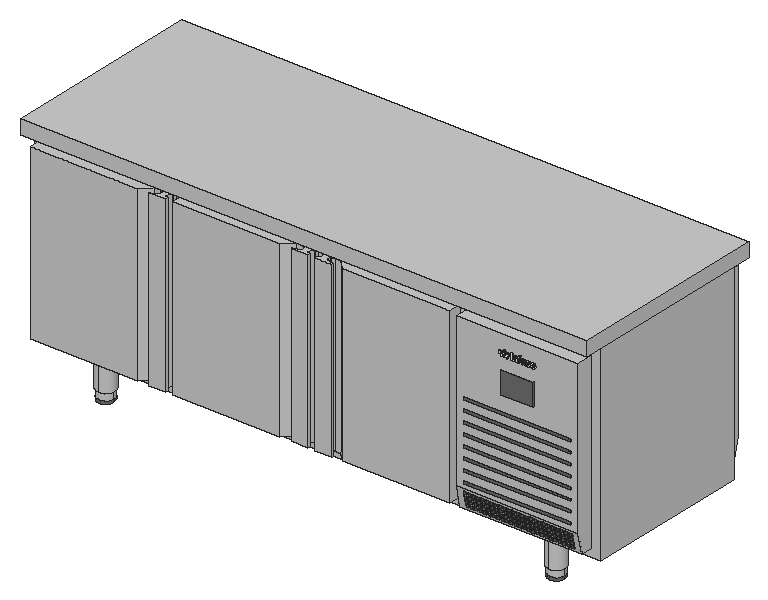
Revit family "QF_INFRICO_BMGN1960PDC_250808024553", category Specialty Equipment, Revit 2021 (continued)
Definition of nested family "QF_INFRICO_BMGN_DOOR_DX_6569"
  Parameters (values of type "BMGN_DOOR_DX")
    Show Clearances [instance] = yes
    Show Clearance [instance] = yes
    Service Life Duration [instance] = ""
    Serial Number [instance] = ""
    Seismic Rating [instance] = ""
    SMACNA No [instance] = ""
    Revision Code [instance] = ""
    Revision [instance] = ""
    Production Year [instance] = ""
    Point Load [instance] = 0
    Other Equipment Approvals [instance] = ""
    NAFEM Spec ID Number [instance] = ""
    Model Warning [instance] = ""
    Model = "BMGN_DOOR_DX"
    Masterspec [instance] = ""
    Manufacturer = "INFRICO"
    Length Actual [instance] = 0 mm
    Item Number [instance] = ""
    Installed By [instance] = ""
    Installation Date [instance] = ""
    Identify Quantity as Lot [instance] = yes
    ID [instance] = ""
    Hygiene Approval [instance] = ""
    Height Actual [instance] = 0 mm
    Furnished By [instance] = ""
    Foodservice Equipment Identifier [instance] = yes
    ETL Approved [instance] = yes
    Description = "RIGHT DOOR"
    Depth Actual [instance] = 0 mm
    Default Elevation = 0 mm
    CSI MasterFormat [instance] = ""
    CE Approved [instance] = yes
    Barcode [instance] = ""
    Author [instance] = ""
    Asset Identifier [instance] = ""
    Assembly Code = "E1090320"
    Accessory [instance] = yes
  Reference planes
    plane 1 "Back": y = 0
    plane 2: z = 0
    plane 3 "Left": x = 0
    plane 4 "Right": x = 467
    plane 5 "Front": y = -44
    plane 6 "Top": z = 597
  Forms (mm)
    Extrusion 1, solid
      sketch origin (-2514.326, 654.02, -168.61) x (1, 0, 0) y (0, 1, 0)
        loop
          line (2610.426, -698.02) -> (2981.326, -698.02) -> (2981.326, -654.02) -> (2514.326, -654.02) -> (2514.326, -664.81) -> (2521.592, -664.81) -> (2526.525, -683.218) -> (2514.326, -690.261) -> (2514.326, -698.02) -> (2571.566, -698.02) -> (2571.566, -694.947) -> (2546.304, -684.224)
          arc (2546.304, -684.224) -> (2545.774, -683.563) -> (2545.566, -682.741) r 2.001
          line (2545.566, -682.741) -> (2545.222, -672.896)
          arc (2545.222, -672.896) -> (2545.582, -671.631) -> (2546.663, -670.881) r 1.95
          line (2546.663, -670.881) -> (2557.604, -667.95) -> (2580.356, -667.95) -> (2610.426, -698.02)
      from 168.61 to 765.61
    Extrusion 2, solid, visible <- "Show Clearance", detail levels coarse
      sketch origin (467, 0, 0) x (-1, 0, 0) y (0, -1, 0)
        loop
          line (0, 44) -> (467, 44)
          arc (467, 44) -> (343.106, 343.106) -> (44, 467) r 423
          line (44, 467) -> (0, 467) -> (0, 44)
      from 0 to 597
  Lines and regions (mm)
    symbolic lines
      curve 1: arc (0.383, -62, 0) -> (130.327, -349.404, 0) -> (423, -467, 0) r 423
      curve 2: line (467, -467, 0) -> (467, -62, 0)
      curve 3: line (423, -467, 0) -> (467, -467, 0)
  Dimensions and locks
    plane 4 "Right" to plane 3 "Left" = 467 mm
    plane 6 "Top" to level = 597 mm  (x2)
    plane 1 "Back" to plane 5 "Front" = 44 mm  (x2)
    plane 3 "Left" to plane 4 "Right" = 467 mm
    aligned and locked: level to plane 2
Definition of nested family "QF_INFRICO_BMGNPDC_DOOR_SX_7346"
  Parameters (values of type "BMGNPDC_DOOR_SX")
    Weight [instance] = 0.00 kg
    Warranty Start Date [instance] = ""
    Warranty Duration [instance] = ""
    URL Cutsheet [instance] = ""
    URL = "www.infrico.com"
    Technical Documentation [instance] = ""
    Tag Number [instance] = ""
    Status [instance] = ""
    Specification by User [instance] = ""
    Specification by Manufacturer [instance] = ""
    Sound Level [instance] = ""
    Solid Fuel Type [instance] = ""
    Show Logo [instance] = yes
    Show Clearances [instance] = yes
    Show Clearance [instance] = yes
    Service Life Duration [instance] = ""
    Serial Number [instance] = ""
    Seismic Rating [instance] = ""
    SMACNA No [instance] = ""
    Revision Code [instance] = ""
    Revision [instance] = ""
    Production Year [instance] = ""
    Point Load [instance] = 0
    Other Equipment Approvals [instance] = ""
    NAFEM Spec ID Number [instance] = ""
    Model Warning [instance] = ""
    Model = "BMGNPDC_DOOR_SX"
    Masterspec [instance] = ""
    Manufacturer = "INFRICO"
    Length Actual [instance] = 0 mm
    Item Number [instance] = ""
    Installed By [instance] = ""
    Installation Date [instance] = ""
    Identify Quantity as Lot [instance] = yes
    ID [instance] = ""
    Hygiene Approval [instance] = ""
    Height Actual [instance] = 0 mm
    Furnished By [instance] = ""
    Foodservice Equipment Identifier [instance] = yes
    ETL Approved [instance] = yes
    Description = "LEFT DOOR PASS THRU"
    Depth Actual [instance] = 0 mm
    Default Elevation = 0 mm
    CSI MasterFormat [instance] = ""
    CE Approved [instance] = yes
    Barcode [instance] = ""
    Author [instance] = ""
    Asset Identifier [instance] = ""
    Assembly Code = "E1090320"
    Accessory [instance] = yes
  Reference planes
    plane 1 "Back": y = 0
    plane 2: z = 0
    plane 3 "Left": x = 0
    plane 4 "Right": x = 467
    plane 5 "Front": y = -44
    plane 6 "Top": z = 597
  Forms (mm)
    Extrusion 1, solid
      sketch origin (2981.326, -698.02, -168.61) x (-1, 0, 0) y (0, -1, 0)
        loop
          line (2610.426, -698.02) -> (2981.326, -698.02) -> (2981.326, -654.02) -> (2514.279, -654.02) -> (2514.279, -664.81) -> (2521.592, -664.81) -> (2526.525, -683.218) -> (2514.326, -690.261) -> (2514.326, -698.02) -> (2571.566, -698.02) -> (2571.566, -694.947) -> (2546.304, -684.224)
          arc (2546.304, -684.224) -> (2545.774, -683.563) -> (2545.566, -682.741) r 2.001
          line (2545.566, -682.741) -> (2545.222, -672.896)
          arc (2545.222, -672.896) -> (2545.582, -671.631) -> (2546.663, -670.881) r 1.95
          line (2546.663, -670.881) -> (2557.604, -667.95) -> (2580.356, -667.95) -> (2610.426, -698.02)
      from 168.61 to 765.61
    Extrusion 2, solid, visible <- "Show Clearance", detail levels coarse
      sketch origin (0, -44, 0) x (1, 0, 0) y (0, 1, 0)
        loop
          line (0, 44) -> (467, 44)
          arc (467, 44) -> (343.106, 343.106) -> (44, 467) r 423
          line (44, 467) -> (0, 467) -> (0, 44)
      from 0 to 597
  Lines and regions (mm)
    symbolic lines
      curve 1: arc (466.617, 18, 0) -> (336.673, 305.404, 0) -> (44, 423, 0) r 423
      curve 2: line (0, 423, 0) -> (0, 18, 0)
      curve 3: line (44, 423, 0) -> (0, 423, 0)
  Dimensions and locks
    plane 4 "Right" to plane 3 "Left" = 467 mm
    plane 6 "Top" to level = 597 mm  (x2)
    plane 1 "Back" to plane 5 "Front" = 44 mm  (x2)
    plane 3 "Left" to plane 4 "Right" = 467 mm
    aligned and locked: level to plane 2
Definition of nested family "QF_INFRICO_BMGNPDC_DOOR_SX_8123"
  Parameters (values of type "BMGNPDC_DOOR_SX")
    Weight [instance] = 0.00 kg
    Warranty Start Date [instance] = ""
    Warranty Duration [instance] = ""
    URL Cutsheet [instance] = ""
    URL = "www.infrico.com"
    Technical Documentation [instance] = ""
    Tag Number [instance] = ""
    Status [instance] = ""
    Specification by User [instance] = ""
    Specification by Manufacturer [instance] = ""
    Sound Level [instance] = ""
    Solid Fuel Type [instance] = ""
    Show Logo [instance] = yes
    Show Clearances [instance] = yes
    Show Clearance [instance] = yes
    Service Life Duration [instance] = ""
    Serial Number [instance] = ""
    Seismic Rating [instance] = ""
    SMACNA No [instance] = ""
    Revision Code [instance] = ""
    Revision [instance] = ""
    Production Year [instance] = ""
    Point Load [instance] = 0
    Other Equipment Approvals [instance] = ""
    NAFEM Spec ID Number [instance] = ""
    Model Warning [instance] = ""
    Model = "BMGNPDC_DOOR_SX"
    Masterspec [instance] = ""
    Manufacturer = "INFRICO"
    Length Actual [instance] = 0 mm
    Item Number [instance] = ""
    Installed By [instance] = ""
    Installation Date [instance] = ""
    Identify Quantity as Lot [instance] = yes
    ID [instance] = ""
    Hygiene Approval [instance] = ""
    Height Actual [instance] = 0 mm
    Furnished By [instance] = ""
    Foodservice Equipment Identifier [instance] = yes
    ETL Approved [instance] = yes
    Description = "LEFT DOOR PASS THRU"
    Depth Actual [instance] = 0 mm
    Default Elevation = 0 mm
    CSI MasterFormat [instance] = ""
    CE Approved [instance] = yes
    Barcode [instance] = ""
    Author [instance] = ""
    Asset Identifier [instance] = ""
    Assembly Code = "E1090320"
    Accessory [instance] = yes
  Reference planes
    plane 1 "Back": y = 0
    plane 2: z = 0
    plane 3 "Left": x = 0
    plane 4 "Right": x = 467
    plane 5 "Front": y = -44
    plane 6 "Top": z = 597
  Forms (mm)
    Extrusion 1, solid
      sketch origin (2981.326, -698.02, -168.61) x (-1, 0, 0) y (0, -1, 0)
        loop
          line (2610.426, -698.02) -> (2981.326, -698.02) -> (2981.326, -654.02) -> (2514.279, -654.02) -> (2514.279, -664.81) -> (2521.592, -664.81) -> (2526.525, -683.218) -> (2514.326, -690.261) -> (2514.326, -698.02) -> (2571.566, -698.02) -> (2571.566, -694.947) -> (2546.304, -684.224)
          arc (2546.304, -684.224) -> (2545.774, -683.563) -> (2545.566, -682.741) r 2.001
          line (2545.566, -682.741) -> (2545.222, -672.896)
          arc (2545.222, -672.896) -> (2545.582, -671.631) -> (2546.663, -670.881) r 1.95
          line (2546.663, -670.881) -> (2557.604, -667.95) -> (2580.356, -667.95) -> (2610.426, -698.02)
      from 168.61 to 765.61
    Extrusion 2, solid, visible <- "Show Clearance", detail levels coarse
      sketch origin (0, -44, 0) x (1, 0, 0) y (0, 1, 0)
        loop
          line (0, 44) -> (467, 44)
          arc (467, 44) -> (343.106, 343.106) -> (44, 467) r 423
          line (44, 467) -> (0, 467) -> (0, 44)
      from 0 to 597
  Lines and regions (mm)
    symbolic lines
      curve 1: arc (466.617, 18, 0) -> (336.673, 305.404, 0) -> (44, 423, 0) r 423
      curve 2: line (0, 423, 0) -> (0, 18, 0)
      curve 3: line (44, 423, 0) -> (0, 423, 0)
  Dimensions and locks
    plane 4 "Right" to plane 3 "Left" = 467 mm
    plane 6 "Top" to level = 597 mm  (x2)
    plane 1 "Back" to plane 5 "Front" = 44 mm  (x2)
    plane 3 "Left" to plane 4 "Right" = 467 mm
    aligned and locked: level to plane 2
Definition of nested family "QF_INFRICO_BMGNPDC_DOOR_DX_8900"
  Parameters (values of type "BMGNPDC_DOOR_DX")
    Weight [instance] = 0.00 kg
    Warranty Start Date [instance] = ""
    Warranty Duration [instance] = ""
    URL Cutsheet [instance] = ""
    URL = "www.infrico.com"
    Technical Documentation [instance] = ""
    Tag Number [instance] = ""
    Status [instance] = ""
    Specification by User [instance] = ""
    Specification by Manufacturer [instance] = ""
    Sound Level [instance] = ""
    Solid Fuel Type [instance] = ""
    Show Logo [instance] = yes
    Show Clearances [instance] = yes
    Show Clearance [instance] = yes
    Service Life Duration [instance] = ""
    Serial Number [instance] = ""
    Seismic Rating [instance] = ""
    SMACNA No [instance] = ""
    Revision Code [instance] = ""
    Revision [instance] = ""
    Production Year [instance] = ""
    Point Load [instance] = 0
    Other Equipment Approvals [instance] = ""
    NAFEM Spec ID Number [instance] = ""
    Model Warning [instance] = ""
    Model = "BMGNPDC_DOOR_DX"
    Masterspec [instance] = ""
    Manufacturer = "INFRICO"
    Length Actual [instance] = 0 mm
    Item Number [instance] = ""
    Installed By [instance] = ""
    Installation Date [instance] = ""
    Identify Quantity as Lot [instance] = yes
    ID [instance] = ""
    Hygiene Approval [instance] = ""
    Height Actual [instance] = 0 mm
    Furnished By [instance] = ""
    Foodservice Equipment Identifier [instance] = yes
    ETL Approved [instance] = yes
    Description = "RIGHT DOOR PASS THRU"
    Depth Actual [instance] = 0 mm
    Default Elevation = 0 mm
    CSI MasterFormat [instance] = ""
    CE Approved [instance] = yes
    Barcode [instance] = ""
    Author [instance] = ""
    Asset Identifier [instance] = ""
    Assembly Code = "E1090320"
    Accessory [instance] = yes
  Reference planes
    plane 1 "Back": y = 0
    plane 2: z = 0
    plane 3 "Left": x = 0
    plane 4 "Right": x = 467
    plane 5 "Front": y = -44
    plane 6 "Top": z = 597
  Forms (mm)
    Extrusion 1, solid
      sketch origin (-2514.326, -698.02, -168.61) x (1, 0, 0) y (0, 1, 0)
        loop
          line (2610.426, 698.02) -> (2580.356, 667.95) -> (2557.604, 667.95) -> (2546.663, 670.881)
          arc (2546.663, 670.881) -> (2545.582, 671.631) -> (2545.222, 672.896) r 1.95
          line (2545.222, 672.896) -> (2545.566, 682.741)
          arc (2545.566, 682.741) -> (2545.774, 683.563) -> (2546.304, 684.224) r 2.001
          line (2546.304, 684.224) -> (2571.566, 694.947) -> (2571.566, 698.02) -> (2514.326, 698.02) -> (2514.326, 690.261) -> (2526.525, 683.218) -> (2521.592, 664.81) -> (2514.279, 664.81) -> (2514.279, 654.02) -> (2981.326, 654.02) -> (2981.326, 698.02) -> (2610.426, 698.02)
      from 168.61 to 765.61
    Extrusion 2, solid, visible <- "Show Clearance", detail levels coarse
      sketch origin (467, -44, 0) x (-1, 0, 0) y (0, -1, 0)
        loop
          line (0, -44) -> (0, -467) -> (44, -467)
          arc (44, -467) -> (343.106, -343.106) -> (467, -44) r 423
          line (467, -44) -> (0, -44)
      from 0 to 597
  Lines and regions (mm)
    symbolic lines
      curve 1: arc (0.383, 18, 0) -> (130.327, 305.404, 0) -> (423, 423, 0) r 423
      curve 2: line (467, 423, 0) -> (467, 18, 0)
      curve 3: line (423, 423, 0) -> (467, 423, 0)
  Dimensions and locks
    plane 4 "Right" to plane 3 "Left" = 467 mm
    plane 6 "Top" to level = 597 mm  (x2)
    plane 1 "Back" to plane 5 "Front" = 44 mm  (x2)
    plane 3 "Left" to plane 4 "Right" = 467 mm
    aligned and locked: level to plane 2
Definition of nested family "QF_INFRICO_WORKTOP_9677"
  Parameters (values of type "WRKT20_30")
    Weight [instance] = 0.00 kg
    Warranty Start Date [instance] = ""
    Warranty Duration [instance] = ""
    URL Cutsheet [instance] = ""
    URL = "www.infrico.com"
    Technical Documentation [instance] = ""
    Tag Number [instance] = ""
    Status [instance] = ""
    Specification by User [instance] = ""
    Specification by Manufacturer [instance] = ""
    Sound Level [instance] = ""
    Solid Fuel Type [instance] = ""
    Show Logo [instance] = yes
    Show Clearances [instance] = yes
    Show Clearance [instance] = yes
    Service Life Duration [instance] = ""
    Serial Number [instance] = ""
    Seismic Rating [instance] = ""
    SMACNA No [instance] = ""
    Revision Code [instance] = ""
    Revision [instance] = ""
    Production Year [instance] = ""
    Point Load [instance] = 0
    Other Equipment Approvals [instance] = ""
    NAFEM Spec ID Number [instance] = ""
    Model Warning [instance] = ""
    Model = "WRKT20_30"
    Masterspec [instance] = ""
    Manufacturer = "INFRICO"
    Length Actual [instance] = 0 mm
    Length = 1960 mm
    Item Number [instance] = ""
    Installed By [instance] = ""
    Installation Date [instance] = ""
    Identify Quantity as Lot [instance] = yes
    ID [instance] = ""
    Hygiene Approval [instance] = ""
    Height Actual [instance] = 0 mm
    Furnished By [instance] = ""
    Foodservice Equipment Identifier [instance] = yes
    ETL Approved [instance] = yes
    Description = "WORKTOP WHITOUT BACKSPLASH 2000_300"
    Depth Actual [instance] = 0 mm
    Depth = 300 mm
    Default Elevation = 0 mm
    CSI MasterFormat [instance] = ""
    CE Approved [instance] = yes
    Barcode [instance] = ""
    Author [instance] = ""
    Asset Identifier [instance] = ""
    Assembly Code = "E1090320"
    Accessory [instance] = yes
  Types (38, lengths in mm): name | Model | Length | Description | Depth
    ENC12SPGN19 | "ENC12SPGN19" | 1960 | "WORKTOP WITHOUT BACKSPLASH" | 700
    ENC12SPGN14 | "ENC12SPGN14" | 1468 | "WORKTOP WITHOUT BACKSPLASH" | 700
    ENC12SPGN24 | "ENC12SPGN24" | 2452 | "WORKTOP WITHOUT BACKSPLASH" | 700
    ENC12SPGN14R | "ENC12SPGN14R" | 1160 | "WORKTOP WITHOUT BACKSPLASH" | 700
    ENC12SPGN19R | "ENC12SPGN19R" | 1652 | "WORKTOP WITHOUT BACKSPLASH" | 700
    ENC12SPGN24R | "ENC12SPGN24R" | 2144 | "WORKTOP WITHOUT BACKSPLASH" | 700
    ENC12SPBM20 | "ENC12SPBM20" | 1960 | "WORKTOP WITHOUT BACKSPLASH" | 600
    ENC12SPBM15 | "ENC12SPBM15" | 1468 | "WORKTOP WITHOUT BACKSPLASH" | 600
    ENC12SPBM25 | "ENC12SPBM25" | 2452 | "WORKTOP WITHOUT BACKSPLASH" | 600
    ENC12SPBM15R | "ENC12SPBM15R" | 1160 | "WORKTOP WITHOUT BACKSPLASH" | 600
    ENC12SPBM20R | "ENC12SPBM20R" | 1652 | "WORKTOP WITHOUT BACKSPLASH" | 600
    ENC12SPMR16 | "ENC12SPMR16" | 1618 | "WORKTOP WITHOUT BACKSPLASH" | 800
    ENC12SPMR21 | "ENC12SPMR21" | 2185 | "WORKTOP WITHOUT BACKSPLASH" | 800
    ENC12SPMR27 | "ENC12SPMR27" | 2752 | "WORKTOP WITHOUT BACKSPLASH" | 800
    ENC12SPMR16R | "ENC12SPMR16R" | 1310 | "WORKTOP WITHOUT BACKSPLASH" | 800
    ENC12SPMR21R | "ENC12SPMR21R" | 1877 | "WORKTOP WITHOUT BACKSPLASH" | 800
    ENC12SPMR27R | "ENC12SPMR27R" | 2444 | "WORKTOP WITHOUT BACKSPLASH" | 800
    ENC12SPBM25R | "ENC12SPBM25R" | 2144 | "WORKTOP WITHOUT BACKSPLASH" | 600
    ENC12SPMS20 | "ENC12SPMS20" | 2000 | "WORKTOP WITHOUT BACKSPLASH" | 700
    ENC12SPMS24 | "ENC12SPMS24" | 2400 | "WORKTOP WITHOUT BACKSPLASH" | 700
    ENC12SPMS10 | "ENC12SPMS10" | 1000 | "WORKTOP WITHOUT BACKSPLASH" | 700
    ENC12SPMS14 | "ENC12SPMS14" | 1400 | "WORKTOP WITHOUT BACKSPLASH" | 700
    ENC12SPMS16 | "ENC12SPMS16" | 1600 | "WORKTOP WITHOUT BACKSPLASH" | 700
    ENC12SPME10 | "ENC12SPME10" | 978 | "WORKTOP WITHOUT BACKSPLASH" | 700
    ENC12SPME14 | "ENC12SPME14" | 1460 | "WORKTOP WITHOUT BACKSPLASH" | 700
    WRKT10_30 | "WRKT10_30" | 1000 | "WORKTOP WHITOUT BACKSPLASH 1000_300" | 300
    WRKT10_60 | "WRKT10_60" | 1000 | "WORKTOP WHITOUT BACKSPLASH 1000_600" | 600
    WRKT15_30 | "WRKT15_30" | 1468 | "WORKTOP WHITOUT BACKSPLASH 1500_300" | 300
    WRKT15_60 | "WRKT15_60" | 1468 | "WORKTOP WHITOUT BACKSPLASH 1500_600" | 600
    WRKT20_30 | "WRKT20_30" | 1960 | "WORKTOP WHITOUT BACKSPLASH 2000_300" | 300
    WRKT20_60 | "WRKT20_60" | 1960 | "WORKTOP WHITOUT BACKSPLASH 2000_600" | 600
    WRKT25_30 | "WRKT25_30" | 2452 | "WORKTOP WHITOUT BACKSPLASH 2500_300" | 300
    WRKT25_60 | "WRKT25_60" | 2452 | "WORKTOP WHITOUT BACKSPLASH 2500_600" | 600
    WRKT15_60_MT | "WRKT15_60_MT" | 1500 | "WORKTOP WHITOUT BACKSPLASH 1500_600" | 600
    WRKT15_70_MT | "WRKT15_70_MT" | 1500 | "WORKTOP WHITOUT BACKSPLASH 1500_700" | 700
    WRKT20_70_MT | "WRKT20_70_MT" | 2000 | "WORKTOP WHITOUT BACKSPLASH 2000_700" | 700
    WRKT20_60_MT | "WRKT20_60_MT" | 2000 | "WORKTOP WHITOUT BACKSPLASH 2000_600" | 600
    WRKT10_70_MT | "WRKT10_70_MT" | 1000 | "WORKTOP WHITOUT BACKSPLASH 1000_700" | 700
  Reference planes
    plane 1 "Back": y = 0
    plane 2: z = 0
    plane 3 "Left": x = 0
    plane 4 "Right": x = 1960
    plane 5 "Front": y = -300
    plane 6 "Top": z = 50
  Forms (mm)
    Extrusion 1, solid
      sketch origin (0, 0, -800) x (0, 1, 0) y (0, 0, 1)
        loop
          line (0, 850) -> (-300, 850) -> (-300, 800) -> (0, 800) -> (0, 850)
      from 0 to 1960
  Lines and regions (mm)
    symbolic lines
      curve 1: line (1960, 0, 0) -> (0, 0, 0)
      curve 2: line (0, 0, 0) -> (0, -300, 0)
      curve 3: line (0, -300, 0) -> (1960, -300, 0)
      curve 4: line (1960, -300, 0) -> (1960, 0, 0)
  Dimensions and locks
    plane 4 "Right" to plane 3 "Left" = 1960 mm
    plane 6 "Top" to level = 50 mm
    plane 1 "Back" to plane 5 "Front" = 300 mm
    "Length": plane 3 "Left" to plane 4 "Right"
    "Depth": plane 1 "Back" to plane 5 "Front"
    aligned and locked: level to plane 2
    aligned and locked: Extrusion 1 to plane 4 "Right"
  Automatic sketch dimensions
    plane 1 "Back" to curve 1 = 0 mm
    curve 1 to plane 3 "Left" = 0 mm
    curve 3 to plane 4 "Right" = 0 mm
    curve 3 to plane 5 "Front" = 0 mm
    Extrusion 1 sketch curve to plane 5 "Front" = 0 mm
    Extrusion 1 sketch curve to level = 0 mm
    Extrusion 1 sketch curve to plane 1 "Back" = 0 mm
    Extrusion 1 sketch curve to plane 6 "Top" = 0 mm
Definition of nested family "QF_INFRICO_LEGS_10521"
  Parameters (values of type "LEGS_2190_740")
    Weight [instance] = 0.00 kg
    Warranty Start Date [instance] = ""
    Warranty Duration [instance] = ""
    URL Cutsheet [instance] = ""
    URL = "www.infrico.com"
    Technical Documentation [instance] = ""
    Tag Number [instance] = ""
    Status [instance] = ""
    Specification by User [instance] = ""
    Specification by Manufacturer [instance] = ""
    Sound Level [instance] = ""
    Solid Fuel Type [instance] = ""
    Show Logo [instance] = yes
    Show Clearances [instance] = yes
    Show Clearance [instance] = yes
    Service Life Duration [instance] = ""
    Serial Number [instance] = ""
    Seismic Rating [instance] = ""
    SMACNA No [instance] = ""
    Revision Code [instance] = ""
    Revision [instance] = ""
    Production Year [instance] = ""
    Point Load [instance] = 0
    Other Equipment Approvals [instance] = ""
    NAFEM Spec ID Number [instance] = ""
    Model Warning [instance] = ""
    Model = "LEGS_2190_740"
    Masterspec [instance] = ""
    Manufacturer = "INFRICO"
    Length Actual [instance] = 0 mm
    Length = 2185 mm
    Item Number [instance] = ""
    Installed By [instance] = ""
    Installation Date [instance] = ""
    Identify Quantity as Lot [instance] = yes
    ID [instance] = ""
    Hygiene Approval [instance] = ""
    Height Actual [instance] = 0 mm
    Height = 140 mm
    Furnished By [instance] = ""
    Foodservice Equipment Identifier [instance] = yes
    ETL Approved [instance] = yes
    Description = "LEGS"
    Depth Actual [instance] = 0 mm
    Depth = 738 mm
    Default Elevation = 0 mm
    CentralLegs = if(or(Length > 2200 mm, Length = 2144 mm), 2 > 1, 2 < 1)  # no
    CSI MasterFormat [instance] = ""
    CE Approved [instance] = yes
    Barcode [instance] = ""
    Author [instance] = ""
    Asset Identifier [instance] = ""
    Assembly Code = "E1090320"
    Accessory [instance] = yes
  Types (29, lengths in mm): name | Model | Length | Height | Depth | CentralLegs
    LEGS_1960_700 | "LEGS_1960_700" | 1960 | 140 | 700 | no
    LEGS_1470_700 | "LEGS_1470_700" | 1468 | 140 | 700 | no
    LEGS_2450_700 | "LEGS_2450_700" | 2452 | 140 | 700 | yes
    LEGS_1470_600 | "LEGS_1470_600" | 1468 | 140 | 600 | no
    LEGS_1960_600 | "LEGS_1960_600" | 1960 | 140 | 600 | no
    LEGS_2450_600 | "LEGS_2450_600" | 2452 | 140 | 600 | yes
    LEGS_1610_800 | "LEGS_1610_800" | 1618 | 140 | 800 | no
    LEGS_2190_800 | "LEGS_2190_800" | 2185 | 140 | 800 | no
    LEGS_2750_800 | "LEGS_2750_800" | 2752 | 140 | 800 | yes
    LEGS_1160_700 | "LEGS_1160_700" | 1160 | 140 | 700 | no
    LEGS_1650_700 | "LEGS_1650_700" | 1652 | 140 | 700 | no
    LEGS_2140_700 | "LEGS_2140_700" | 2144 | 140 | 700 | yes
    LEGS_1960_640 | "LEGS_1960_640" | 1960 | 140 | 638 | no
    LEGS_1470_640 | "LEGS_1470_640" | 1468 | 140 | 638 | no
    LEGS_1160_600 | "LEGS_1160_600" | 1160 | 140 | 600 | no
    LEGS_1650_600 | "LEGS_1650_600" | 1652 | 140 | 600 | no
    LEGS_1310_800 | "LEGS_1310_800" | 1310 | 140 | 800 | no
    LEGS_1890_800 | "LEGS_1890_800" | 1877 | 140 | 800 | no
    LEGS_2440_800 | "LEGS_2440_800" | 2444 | 140 | 800 | yes
    LEGS_1610_740 | "LEGS_1610_740" | 1618 | 140 | 738 | no
    LEGS_2190_740 | "LEGS_2190_740" | 2185 | 140 | 738 | no
    LEGS_2140_600 | "LEGS_2140_600" | 2144 | 140 | 600 | yes
    LEGS_980_800 | "LEGS_980_800" | 980 | 150 | 800 | no
    LEGS_1470_800 | "LEGS_1470_800" | 1468 | 150 | 800 | no
    LEGS_1740_800 | "LEGS_1740_800" | 1738 | 140 | 800 | no
    LEGS_2300_800 | "LEGS_2300_800" | 2305 | 140 | 800 | yes
    LEGS_1690_800 | "LEGS_1690_800" | 1693 | 140 | 800 | no
    LEGS_2260_800 | "LEGS_2260_800" | 2260 | 140 | 800 | yes
    LEGS_1460_700 | "LEGS_1460_700" | 1460 | 140 | 700 | no
  Reference planes
    plane 1 "Back": y = 0
    plane 2: z = 0
    plane 3 "Left": x = 0
    plane 4 "Right": x = 2185
    plane 5 "Front": y = -738
    plane 6 "Top": z = 140
    plane 7 "Central": x = 1092.5
  Forms (mm)
    Extrusion 1, solid
      sketch origin (0, 0, 140) x (0, 1, 0) y (-1, 0, 0)
        loop
          line (-568, -154.986) -> (-668, -154.986) -> (-668, -244.986) -> (-568, -244.986) -> (-568, -154.986)
      from 0 to -3
    Extrusion 2, solid
      sketch origin (0, 0, 0) x (1, 0, 0) y (0, 1, 0)
        loop
          circle (199.986, -618) r 28
      from 9 to 35
    Extrusion 3, solid
      sketch origin (0, 0, 0) x (1, 0, 0) y (0, 1, 0)
        loop
          circle (199.986, -618) r 28.5
      from 0 to 9
    Sweep 4, solid
      path origin (0, 0, 0) x (0, 1, 0) y (0, 0, 1)
        loop
          line (-618, 35) -> (-618, 137)
      profile origin (0, -618, 86) x (0, -1, 0) y (1, 0, 0)
        loop
          circle (0, 199.986) r 32
    Extrusion 5, solid
      sketch origin (0, 500, 140) x (0, 1, 0) y (-1, 0, 0)
        loop
          line (-530, -154.986) -> (-630, -154.986) -> (-630, -244.986) -> (-530, -244.986) -> (-530, -154.986)
      from 0 to -3
    Extrusion 6, solid
      sketch origin (0, 500, 0) x (1, 0, 0) y (0, 1, 0)
        loop
          circle (199.986, -580) r 28
      from 9 to 35
    Extrusion 7, solid
      sketch origin (0, 500, 0) x (1, 0, 0) y (0, 1, 0)
        loop
          circle (199.986, -580) r 28.5
      from 0 to 9
    Sweep 8, solid
      path origin (0, 500, 0) x (0, 1, 0) y (0, 0, 1)
        loop
          line (-580, 35) -> (-580, 137)
      profile origin (0, -80, 86) x (0, -1, 0) y (1, 0, 0)
        loop
          circle (0, 199.986) r 32
    Extrusion 9, solid
      sketch origin (1560, 0, 140) x (0, 1, 0) y (-1, 0, 0)
        loop
          line (-568, -379.986) -> (-668, -379.986) -> (-668, -469.986) -> (-568, -469.986) -> (-568, -379.986)
      from 0 to -3
    Extrusion 10, solid
      sketch origin (1560, 0, 0) x (1, 0, 0) y (0, 1, 0)
        loop
          circle (424.986, -618) r 28
      from 9 to 35
    Extrusion 11, solid
      sketch origin (1560, 0, 0) x (1, 0, 0) y (0, 1, 0)
        loop
          circle (424.986, -618) r 28.5
      from 0 to 9
    Sweep 12, solid
      path origin (2185, 0, 0) x (0, -1, 0) y (0, 0, 1)
        loop
          line (618, 35) -> (618, 137)
      profile origin (2185, -618, 86) x (0, 1, 0) y (-1, 0, 0)
        loop
          circle (0, 199.986) r 32
    Extrusion 13, solid
      sketch origin (1560, 500, 140) x (0, 1, 0) y (-1, 0, 0)
        loop
          line (-530, -379.986) -> (-630, -379.986) -> (-630, -469.986) -> (-530, -469.986) -> (-530, -379.986)
      from 0 to -3
    Extrusion 14, solid
      sketch origin (1560, 500, 0) x (1, 0, 0) y (0, 1, 0)
        loop
          circle (424.986, -580) r 28
      from 9 to 35
    Extrusion 15, solid
      sketch origin (1560, 500, 0) x (1, 0, 0) y (0, 1, 0)
        loop
          circle (424.986, -580) r 28.5
      from 0 to 9
    Sweep 16, solid
      path origin (2185, 0, 0) x (0, -1, 0) y (0, 0, 1)
        loop
          line (80, 35) -> (80, 137)
      profile origin (2185, -80, 86) x (0, 1, 0) y (-1, 0, 0)
        loop
          circle (0, 199.986) r 32
    Extrusion 17, solid, visible <- "CentralLegs"
      sketch origin (534.014, 0, 140) x (0, 1, 0) y (-1, 0, 0)
        loop
          line (-568, -513.486) -> (-668, -513.486) -> (-668, -603.486) -> (-568, -603.486) -> (-568, -513.486)
      from 0 to -3
    Extrusion 18, solid, visible <- "CentralLegs"
      sketch origin (534.014, 0, 0) x (1, 0, 0) y (0, 1, 0)
        loop
          circle (558.486, -618) r 28
      from 9 to 35
    Extrusion 19, solid, visible <- "CentralLegs"
      sketch origin (534.014, 0, 0) x (1, 0, 0) y (0, 1, 0)
        loop
          circle (558.486, -618) r 28.5
      from 0 to 9
    Sweep 20, solid, visible <- "CentralLegs"
      path origin (1092.5, 0, 0) x (0, -1, 0) y (0, 0, 1)
        loop
          line (618, 35) -> (618, 137)
      profile origin (1092.5, -618, 86) x (0, 1, 0) y (-1, 0, 0)
        loop
          circle (0, -0.014) r 32
    Extrusion 21, solid, visible <- "CentralLegs"
      sketch origin (534.014, 500, 140) x (0, 1, 0) y (-1, 0, 0)
        loop
          line (-530, -513.486) -> (-630, -513.486) -> (-630, -603.486) -> (-530, -603.486) -> (-530, -513.486)
      from 0 to -3
    Extrusion 22, solid, visible <- "CentralLegs"
      sketch origin (534.014, 500, 0) x (1, 0, 0) y (0, 1, 0)
        loop
          circle (558.486, -580) r 28
      from 9 to 35
    Extrusion 23, solid, visible <- "CentralLegs"
      sketch origin (534.014, 500, 0) x (1, 0, 0) y (0, 1, 0)
        loop
          circle (558.486, -580) r 28.5
      from 0 to 9
    Sweep 24, solid, visible <- "CentralLegs"
      path origin (1092.5, 0, 0) x (0, -1, 0) y (0, 0, 1)
        loop
          line (80, 35) -> (80, 137)
      profile origin (1092.5, -80, 86) x (0, 1, 0) y (-1, 0, 0)
        loop
          circle (0, -0.014) r 32
  Dimensions and locks
    "Length": plane 3 "Left" to plane 4 "Right"
    "Depth": plane 1 "Back" to plane 5 "Front"
    "Height": plane 6 "Top" to plane 2
    equal spacing: plane 3 "Left", plane 7 "Central", plane 4 "Right"
    locked: Sweep 20 sketch curve to profile plane at 0.014
    locked: Sweep 24 sketch curve to profile plane at 0.014
    aligned and locked: level to plane 2
  Automatic sketch dimensions
    plane 5 "Front" to Extrusion 1 sketch curve = 70 mm
    Extrusion 1 sketch curve to Extrusion 1 sketch curve = 100 mm
    plane 3 "Left" to Extrusion 1 sketch curve = 244.986 mm
    Extrusion 1 sketch curve to Extrusion 1 sketch curve = 90 mm
    plane 3 "Left" to Extrusion 2 sketch curve = 199.986 mm
    plane 5 "Front" to Extrusion 2 sketch curve = 120 mm
    plane 3 "Left" to Extrusion 3 sketch curve = 199.986 mm
    plane 5 "Front" to Extrusion 3 sketch curve = 120 mm
    Sweep 4 sketch curve to plane 6 "Top" = 3 mm
    plane 5 "Front" to Sweep 4 sketch curve = 120 mm
    level to Sweep 4 sketch curve = 35 mm
    Sweep 4 sketch curve to profile plane = 0 mm
    plane 3 "Left" to Sweep 4 sketch curve = 199.986 mm
    plane 1 "Back" to Extrusion 5 sketch curve = 130 mm
    plane 1 "Back" to Extrusion 5 sketch curve = 30 mm
    plane 3 "Left" to Extrusion 5 sketch curve = 244.986 mm
    Extrusion 5 sketch curve to Extrusion 5 sketch curve = 90 mm
    plane 1 "Back" to Extrusion 6 sketch curve = 80 mm
    plane 3 "Left" to Extrusion 6 sketch curve = 199.986 mm
    plane 1 "Back" to Extrusion 7 sketch curve = 80 mm
    plane 3 "Left" to Extrusion 7 sketch curve = 199.986 mm
    Sweep 8 sketch curve to plane 6 "Top" = 3 mm
    plane 1 "Back" to Sweep 8 sketch curve = 80 mm
    level to Sweep 8 sketch curve = 35 mm
    Sweep 8 sketch curve to profile plane = 0 mm
    plane 3 "Left" to Sweep 8 sketch curve = 199.986 mm
    plane 5 "Front" to Extrusion 9 sketch curve = 70 mm
    Extrusion 9 sketch curve to Extrusion 9 sketch curve = 100 mm
    plane 4 "Right" to Extrusion 9 sketch curve = 155.014 mm
    Extrusion 9 sketch curve to Extrusion 9 sketch curve = 90 mm
    plane 4 "Right" to Extrusion 10 sketch curve = 200.014 mm
    plane 5 "Front" to Extrusion 10 sketch curve = 120 mm
    plane 4 "Right" to Extrusion 11 sketch curve = 200.014 mm
    plane 5 "Front" to Extrusion 11 sketch curve = 120 mm
    Sweep 12 sketch curve to profile plane = 0 mm
    profile plane to Sweep 12 sketch curve = 199.986 mm
    plane 1 "Back" to Extrusion 13 sketch curve = 130 mm
    plane 1 "Back" to Extrusion 13 sketch curve = 30 mm
    plane 4 "Right" to Extrusion 13 sketch curve = 155.014 mm
    Extrusion 13 sketch curve to Extrusion 13 sketch curve = 90 mm
    plane 1 "Back" to Extrusion 14 sketch curve = 80 mm
    plane 4 "Right" to Extrusion 14 sketch curve = 200.014 mm
    plane 1 "Back" to Extrusion 15 sketch curve = 80 mm
    plane 4 "Right" to Extrusion 15 sketch curve = 200.014 mm
    Sweep 16 sketch curve to profile plane = 0 mm
    profile plane to Sweep 16 sketch curve = 199.986 mm
    plane 5 "Front" to Extrusion 17 sketch curve = 70 mm
    Extrusion 17 sketch curve to plane 7 "Central" = 45 mm
    Extrusion 17 sketch curve to Extrusion 17 sketch curve = 100 mm
    plane 7 "Central" to Extrusion 17 sketch curve = 45 mm
    Extrusion 18 sketch curve to plane 7 "Central" = 0 mm
    plane 5 "Front" to Extrusion 18 sketch curve = 120 mm
    Extrusion 19 sketch curve to plane 7 "Central" = 0 mm
    plane 5 "Front" to Extrusion 19 sketch curve = 120 mm
    Sweep 20 sketch curve to profile plane = 0 mm
    plane 7 "Central" to Extrusion 21 sketch curve = 45 mm
    plane 1 "Back" to Extrusion 21 sketch curve = 130 mm
    plane 1 "Back" to Extrusion 21 sketch curve = 30 mm
    Extrusion 21 sketch curve to plane 7 "Central" = 45 mm
    Extrusion 22 sketch curve to plane 7 "Central" = 0 mm
    plane 1 "Back" to Extrusion 22 sketch curve = 80 mm
    Extrusion 23 sketch curve to plane 7 "Central" = 0 mm
    plane 1 "Back" to Extrusion 23 sketch curve = 80 mm
    Sweep 24 sketch curve to profile plane = 0 mm
    Sweep 16 sketch curve to plane 6 "Top" = 3 mm
    plane 1 "Back" to Sweep 16 sketch curve = 80 mm
    level to Sweep 16 sketch curve = 35 mm
    Sweep 12 sketch curve to plane 6 "Top" = 3 mm
    plane 5 "Front" to Sweep 12 sketch curve = 120 mm
    level to Sweep 12 sketch curve = 35 mm
    Sweep 20 sketch curve to plane 6 "Top" = 3 mm
    plane 5 "Front" to Sweep 20 sketch curve = 120 mm
    level to Sweep 20 sketch curve = 35 mm
    Sweep 24 sketch curve to plane 6 "Top" = 3 mm
    plane 1 "Back" to Sweep 24 sketch curve = 80 mm
    level to Sweep 24 sketch curve = 35 mm
    radius of Extrusion 2 sketch curve = 28 mm
    radius of Extrusion 3 sketch curve = 28.5 mm
    radius of Sweep 4 sketch curve = 32 mm
    radius of Extrusion 6 sketch curve = 28 mm
    radius of Extrusion 7 sketch curve = 28.5 mm
    radius of Sweep 8 sketch curve = 32 mm
    radius of Extrusion 10 sketch curve = 28 mm
    radius of Extrusion 11 sketch curve = 28.5 mm
    radius of Sweep 12 sketch curve = 32 mm
    radius of Extrusion 14 sketch curve = 28 mm
    radius of Extrusion 15 sketch curve = 28.5 mm
    radius of Sweep 16 sketch curve = 32 mm
    radius of Extrusion 18 sketch curve = 28 mm
    radius of Extrusion 19 sketch curve = 28.5 mm
    radius of Sweep 20 sketch curve = 32 mm
    radius of Extrusion 22 sketch curve = 28 mm
    radius of Extrusion 23 sketch curve = 28.5 mm
    radius of Sweep 24 sketch curve = 32 mm
Definition of nested family "CONN_POINT_DRAIN_2D___Generic_Annotation"
  Parameters (values of type "CONN_POINT_DRAIN_2D___Generic_Annotation")
    Onboard connection annotation symbol visibility [instance] = yes
  Reference planes
    plane 1: y = 0
    plane 2: x = 0
  Lines and regions (mm)
    detail lines, visible <- "Onboard connection annotation symbol visibility"
      curve 1: circle (0, 0, 0) r 0.5 normal (0, 0, 1)
      curve 2: line (-1, 0, 0) -> (1, 0, 0)
      curve 3: line (0, 1, 0) -> (0, -1, 0)
      curve 4: line (1.776, 1, 0) -> (1.25, 1, 0)
      curve 5: line (1.25, 1, 0) -> (1.25, -1, 0)
      curve 6: line (1.25, -1, 0) -> (1.776, -1, 0)
      curve 7: arc (2.206, -0.862, 0) -> (2.459, -0.589, 0) -> (2.583, -0.238, 0) r 0.918
      curve 8: arc (2.583, 0.238, 0) -> (2.459, 0.589, 0) -> (2.206, 0.862, 0) r 0.918
      curve 9: arc (2.583, -0.238, 0) -> (2.599, 0, 0) -> (2.583, 0.238, 0) r 1.77
      curve 10: arc (2.206, 0.862, 0) -> (2.002, 0.965, 0) -> (1.776, 1, 0) r 0.741
      curve 11: arc (1.776, -1, 0) -> (2.002, -0.965, 0) -> (2.206, -0.862, 0) r 0.741
Definition of nested family "CONN_POINT_ELE_2D___Generic_Annotation"
  Parameters (values of type "CONN_POINT_ELE_2D___Generic_Annotation")
    Onboard connection annotation symbol visibility [instance] = yes
  Reference planes
    plane 1: y = 0
    plane 2: x = 0
  Lines and regions (mm)
    detail lines, visible <- "Onboard connection annotation symbol visibility"
      curve 1: circle (0, 0, 0) r 0.5 normal (0, 0, 1)
      curve 2: line (-1, 0, 0) -> (1, 0, 0)
      curve 3: line (0, 1, 0) -> (0, -1, 0)
      curve 4: line (2.5, 1, 0) -> (1.25, 1, 0)
      curve 5: line (1.25, 1, 0) -> (1.25, -1, 0)
      curve 6: line (1.25, -1, 0) -> (2.5, -1, 0)
      curve 7: line (1.25, 0, 0) -> (2, 0, 0)
